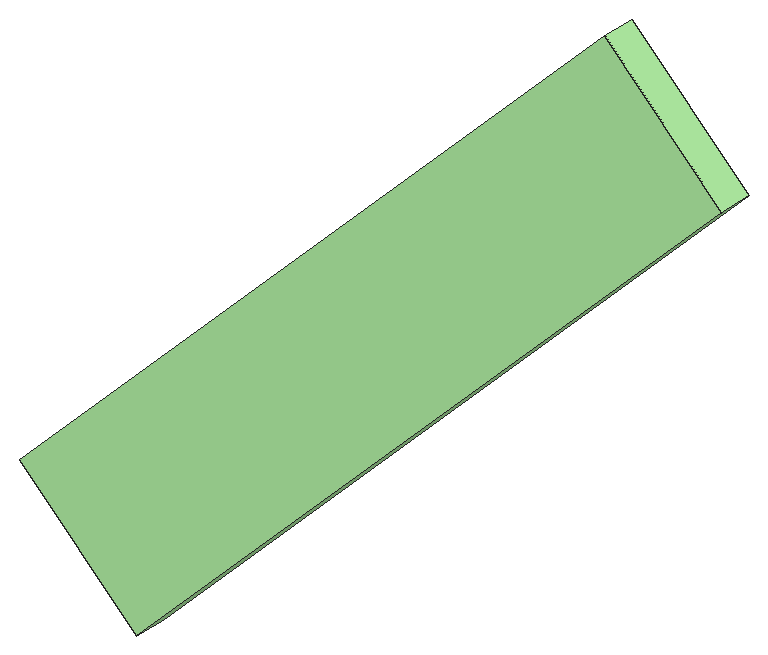
Revit family "ダクトサポート_角形鋼管(長方形)", category Generic Models, Revit 2023
Family settings
  Can host rebar = No
  Round Connector Dimension = Use Diameter
  Part Type = Normal
  Work Plane-Based = Yes
  Always vertical = No
  Cut with Voids When Loaded = No
  Maintain Annotation Orientation = No
  Shared = No
  Room Calculation Point = No
Parameters (values of type "100 x 20")
  高さ = 100 mm
  長辺 [instance] = 長さ  # 500 mm
  長さ [instance] = 500 mm
  部屋名 = ""
  角度 [instance] = 45.00°
  Default Elevation = 1219.2 mm
  構造マテリアル = E202_ダクトサポート
  幅 = 20 mm
Types (20, lengths in mm): name | 高さ | 幅
  50 x 20 | 50 | 20
  50 x 30 | 50 | 30
  60 x 30 | 60 | 30
  75 x 20 | 75 | 20
  75 x 45 | 75 | 45
  80 x 40 | 80 | 40
  90 x 40 | 90 | 40
  100 x 20 | 100 | 20
  100 x 40 | 100 | 40
  100 x 50 | 100 | 50
  125 x 40 | 125 | 40
  125 x 75 | 125 | 75
  150 x 100 | 150 | 100
  150 x 75 | 150 | 75
  150 x 80 | 150 | 80
  200 x 100 | 200 | 100
  200 x 150 | 200 | 150
  300 x 200 | 300 | 200
  350 x 150 | 350 | 150
  400 x 200 | 400 | 200
Reference planes
  plane 1 "中心(正面/背面)": y = 0
  plane 2: z = 0
  plane 3 "中心(左/右)": x = 0
Lines and regions (mm)
  reference lines
    curve 1: line (0, 0, 0) -> (848.528, 0, 848.528)
    curve 2: line (35.355, 0, -35.355) -> (-35.355, 0, 35.355)
    curve 3: line (388.909, 0, 318.198) -> (318.198, 0, 388.909)
Dimensions and locks
  equal spacing: curve 2, curve 1, curve 2
  "高さ": curve 2 to curve 2
  equal spacing: curve 3, curve 1, curve 3
  "高さ": curve 3 to curve 3
  "長さ": curve 2 to curve 3
  "角度": angle level to curve 1
  angle curve 2 to curve 1 = 90.00°
  angle curve 3 to curve 1 = 90.00°
  aligned and locked: level to plane 2
  aligned and locked: level to curve 1
  aligned and locked: plane 3 "中心(左/右)" to curve 1
  aligned and locked: nested 1 to curve 1
Nested families
  nested 1: "グレーチング_角形鋼管(長方形)" at (-35.355, 0, 35.355) x (0, 1, 0) z (0.7071, 0, -0.7071), 長さ <- "長さ", type "50 x 20"
    with 長辺 500 mm, 長さ 500 mm, 高さ 100 mm
Definition of nested family "グレーチング_角形鋼管(長方形)"
  Parameters (values of type "50 x 20")
    高さ = 50 mm
    長辺 [instance] = 長さ  # 1000 mm
    長さ [instance] = 1000 mm
    部屋名 = ""
    Default Elevation = 1219.2 mm
    構造マテリアル = none
    幅 = 20 mm
  Reference planes
    plane 1 "中心(正面/背面)": y = 0
    plane 2: z = 0
    plane 3 "中心(左/右)": x = 0
    plane 4: z = 25
    plane 5: z = 50
  Forms (mm)
    Extrusion 1, solid, material <- "構造マテリアル"
      sketch origin (0, 0, 0) x (1, 0, 0) y (0, 1, 0)
        loop
          line (-10, 1000) -> (-10, 0) -> (10, 0) -> (10, 1000) -> (-10, 1000)
      from 0 to 50
  Lines and regions (mm)
    reference lines
      curve 1: line (10, 1000, 0) -> (-10, 1000, 0)
      curve 2: line (10, 0, 0) -> (-10, 0, 0)
  Dimensions and locks
    "長さ": curve 1 to curve 2
    "幅": Extrusion 1 to Extrusion 1
    equal spacing: Extrusion 1, plane 3 "中心(左/右)", Extrusion 1
    "幅": curve 1 to curve 1
    equal spacing: curve 1, plane 3 "中心(左/右)", curve 1
    "幅": curve 2 to curve 2
    equal spacing: curve 2, plane 3 "中心(左/右)", curve 2
    equal spacing: plane 5, plane 4, level
    "高さ": plane 5 to level
    aligned and locked: level to plane 2
    aligned and locked: Extrusion 1 to curve 2
    aligned and locked: curve 1 to Extrusion 1
    aligned and locked: plane 5 to Extrusion 1
  Automatic sketch dimensions
    Extrusion 1 sketch curve to plane 3 "中心(左/右)" = 10 mm
    plane 3 "中心(左/右)" to Extrusion 1 sketch curve = 10 mm
    plane 1 "中心(正面/背面)" to Extrusion 1 sketch curve = 0 mm
    Extrusion 1 sketch curve to plane 1 "中心(正面/背面)" = 1000 mm
    plane 1 "中心(正面/背面)" to curve 2 = 0 mm
